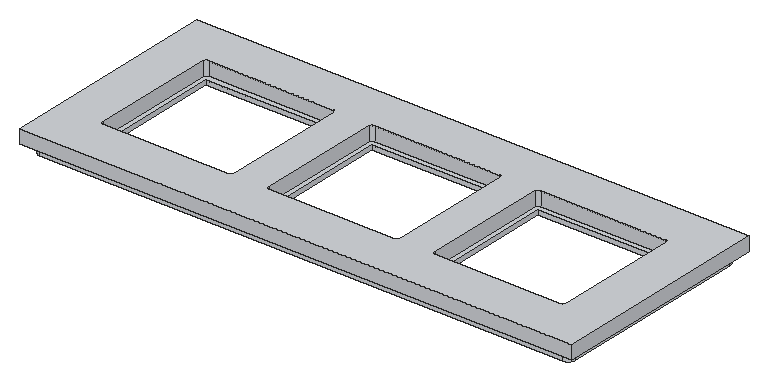
Revit family "Gira_0213217", category Electrical Fixtures, host Face, Revit 2017
Family settings
  Host = Face
  Maintain Annotation Orientation = No
  Round Connector Dimension = Use Diameter
  Part Type = Normal
  Cut with Voids When Loaded = No
  Shared = No
  Room Calculation Point = No
Parameters (values of type "Abdeckrahmen 3f Gira Esprit Alum.Hellgold")
  Werkstoffgüte = "aluminium"
  Werkstoff = "Metall"
  URL = "http://katalog.gira.de/de_DE/datenblatt.html?artikelnr=0213217"
  Transparent = "No"
  Textfeld/Beschriftungsfläche = "No"
  Schutzart (IP) = "IP20"
  Region = "DE"
  Oberfläche = "sonstige"
  Name = "Abdeckrahmen 3f Gira Esprit Alum.Hellgold"
  Montagerichtung = "horizontal und vertikal"
  Mit Montagerahmen = "No"
  Mit Klappdeckel = "No"
  Manufacturer URL = "https://www.gira.de/"
  Keynote = "Espr._Rahmen_3fach"
  HeinzeBIM = "https://bimportal.heinze.de/bim/abdeckrahmen-3f-gira-esprit-alum-hellgold/9628d10ae63175e390e9194b0bf41869c00918e5"
  Halogenfrei = "No"
  HAN = "0213217"
  Geeignet für Unterputz-Installation = "Yes"
  Geeignet für Unterflurkanaldose = "No"
  Geeignet für Geräteeinbaukanal = "No"
  Geeignet für Einbauinstallation = "No"
  GTIN = "4010337015734"
  Farbe = "aluminium"
  Default Elevation = 1219.2 mm
  Data sheet (1) = "https://katalog.gira.de/de_DE/download.html?artikelnr=0213217"
  Category = "Abdeckrahmen"
  Befestigungsart = "Klemmbefestigung"
  Available = "Yes"
  Anzahl der Einheiten vertikal = "3 "
  Anzahl der Einheiten horizontal = "3 "
  Anzahl der Einheiten = "3 "
Reference planes
  plane 1 "Center (Front/Back)": y = 0
  plane 2: z = 0
  plane 3 "Center (Left/Right)": x = 0
Forms (mm)
  Extrusion 1, solid, detail levels fine
    sketch origin (0, 0, 0) x (1, 0, 0) y (0, 1, 0)
      loop
        line (-118.4, 47.5) -> (-118.4, -47.5) -> (118.4, -47.5) -> (118.4, 47.5) -> (-118.4, 47.5)
      loop
        arc (-99.5, -26.7) -> (-99.061, -27.761) -> (-98, -28.2) r 1.5
        line (-98, -28.2) -> (-44.6, -28.2)
        arc (-44.6, -28.2) -> (-43.539, -27.761) -> (-43.1, -26.7) r 1.5
        line (-43.1, -26.7) -> (-43.1, 26.7)
        arc (-43.1, 26.7) -> (-43.539, 27.761) -> (-44.6, 28.2) r 1.5
        line (-44.6, 28.2) -> (-98, 28.2)
        arc (-98, 28.2) -> (-99.061, 27.761) -> (-99.5, 26.7) r 1.5
        line (-99.5, 26.7) -> (-99.5, -26.7)
      loop
        arc (-28.2, -26.7) -> (-27.761, -27.761) -> (-26.7, -28.2) r 1.5
        line (-26.7, -28.2) -> (26.7, -28.2)
        arc (26.7, -28.2) -> (27.761, -27.761) -> (28.2, -26.7) r 1.5
        line (28.2, -26.7) -> (28.2, 26.7)
        arc (28.2, 26.7) -> (27.761, 27.761) -> (26.7, 28.2) r 1.5
        line (26.7, 28.2) -> (-26.7, 28.2)
        arc (-26.7, 28.2) -> (-27.761, 27.761) -> (-28.2, 26.7) r 1.5
        line (-28.2, 26.7) -> (-28.2, -26.7)
      loop
        arc (43.1, -26.7) -> (43.539, -27.761) -> (44.6, -28.2) r 1.5
        line (44.6, -28.2) -> (98, -28.2)
        arc (98, -28.2) -> (99.061, -27.761) -> (99.5, -26.7) r 1.5
        line (99.5, -26.7) -> (99.5, 26.7)
        arc (99.5, 26.7) -> (99.061, 27.761) -> (98, 28.2) r 1.5
        line (98, 28.2) -> (44.6, 28.2)
        arc (44.6, 28.2) -> (43.539, 27.761) -> (43.1, 26.7) r 1.5
        line (43.1, 26.7) -> (43.1, -26.7)
    from 0 to 6
  Extrusion 2, solid, detail levels fine
    sketch origin (0, 0, 0) x (1, 0, 0) y (0, 1, 0)
      loop
        line (-97.2, -25.7) -> (-45.4, -25.7) -> (-45.4, 25.7) -> (-97.2, 25.7) -> (-97.2, -25.7)
      loop
        line (97.2, 25.7) -> (45.4, 25.7) -> (45.4, -25.7) -> (97.2, -25.7) -> (97.2, 25.7)
      loop
        arc (-114.002, -41.3) -> (-113.474, -42.573) -> (-112.202, -43.1) r 1.8
        line (-112.202, -43.1) -> (112.202, -43.1)
        arc (112.202, -43.1) -> (113.474, -42.573) -> (114.002, -41.3) r 1.8
        line (114.002, -41.3) -> (114.002, 41.3)
        arc (114.002, 41.3) -> (113.474, 42.573) -> (112.202, 43.1) r 1.8
        line (112.202, 43.1) -> (-112.202, 43.1)
        arc (-112.202, 43.1) -> (-113.474, 42.573) -> (-114.002, 41.3) r 1.8
        line (-114.002, 41.3) -> (-114.002, -41.3)
      loop
        line (25.9, 25.7) -> (-25.9, 25.7) -> (-25.9, -25.7) -> (25.9, -25.7) -> (25.9, 25.7)
    from -1.9 to 0
  Extrusion 3, solid, detail levels fine
    sketch origin (0, 0, 0) x (1, 0, 0) y (0, 1, 0)
      loop
        arc (-112.3, 44.4) -> (-114.421, 43.521) -> (-115.3, 41.4) r 3
        line (-115.3, 41.4) -> (-115.3, -41.4)
        arc (-115.3, -41.4) -> (-114.421, -43.521) -> (-112.3, -44.4) r 3
        line (-112.3, -44.4) -> (112.3, -44.4)
        arc (112.3, -44.4) -> (114.421, -43.521) -> (115.3, -41.4) r 3
        line (115.3, -41.4) -> (115.3, 41.4)
        arc (115.3, 41.4) -> (114.421, 43.521) -> (112.3, 44.4) r 3
        line (112.3, 44.4) -> (-112.3, 44.4)
      loop
        arc (-114.1, -41.4) -> (-113.573, -42.673) -> (-112.3, -43.2) r 1.8
        line (-112.3, -43.2) -> (112.3, -43.2)
        arc (112.3, -43.2) -> (113.573, -42.673) -> (114.1, -41.4) r 1.8
        line (114.1, -41.4) -> (114.1, 41.4)
        arc (114.1, 41.4) -> (113.573, 42.673) -> (112.3, 43.2) r 1.8
        line (112.3, 43.2) -> (-112.3, 43.2)
        arc (-112.3, 43.2) -> (-113.573, 42.673) -> (-114.1, 41.4) r 1.8
        line (-114.1, 41.4) -> (-114.1, -41.4)
    from -3.7 to 0
  Extrusion 4, solid, detail levels medium
    sketch origin (0, 0, 0) x (1, 0, 0) y (0, 1, 0)
      loop
        line (-118.4, 47.5) -> (-118.4, -47.5) -> (118.4, -47.5) -> (118.4, 47.5) -> (-118.4, 47.5)
    from 0 to 6
  Extrusion 5, solid, detail levels medium
    sketch origin (0, 0, 0) x (1, 0, 0) y (0, 1, 0)
      loop
        line (-115.3, 44.4) -> (-115.3, -44.4) -> (115.3, -44.4) -> (115.3, 44.4) -> (-115.3, 44.4)
    from -3.7 to 0
  Extrusion 6, solid, detail levels coarse
    sketch origin (0, 0, 0) x (1, 0, 0) y (0, 1, 0)
      loop
        line (-118.4, 47.5) -> (-118.4, -47.5) -> (118.4, -47.5) -> (118.4, 47.5) -> (-118.4, 47.5)
    from -3.7 to 6
Dimensions and locks
  aligned and locked: plane 2 to host face
  aligned and locked: level to host face
